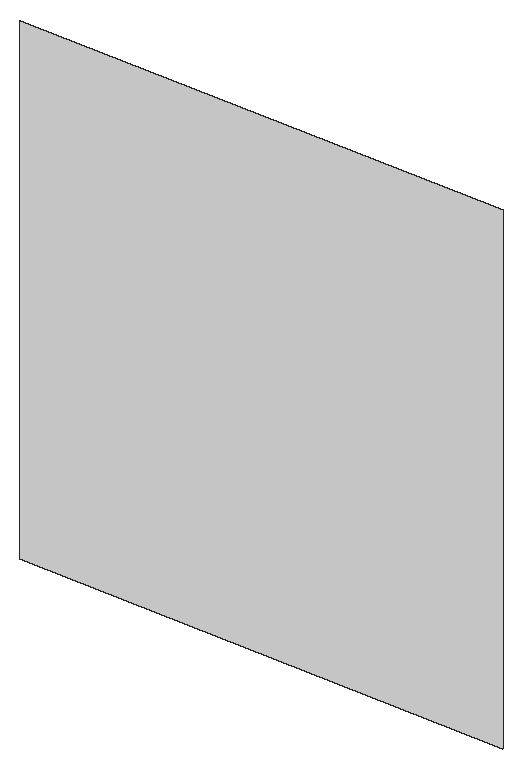
Revit family
Parameters (values of type "이중")
  폭 = 115 mm
  장착 높이 = 1200 mm
  레이블 = "2"
  높이 = 115 mm
  재료 = 플라스틱 - 흰색
Reference planes
  plane 1: y = 0
  plane 2 "중심(왼쪽/오른쪽)": x = 125
  plane 3 "뒤로": y = 75
  plane 4: z = 1200
  plane 5: x = 67.5
  plane 6: x = 182.5
  plane 7: z = 1257.5
  plane 8: z = 1142.5
  plane 9: y = 80
Forms (mm)
  Blend 1, solid, material "플라스틱 - 흰색" <- "재료"
    base sketch origin (0, 75, 0) x (1, 0, 0) y (0, 0, 1)
      loop
        line (182.5, 1257.5) -> (67.5, 1257.5) -> (67.5, 1142.5) -> (182.5, 1142.5) -> (182.5, 1257.5)
    top sketch origin (0, 75, 0) x (1, 0, 0) y (0, 0, 1)
      loop
        line (177.5, 1252.5) -> (72.5, 1252.5) -> (72.5, 1147.5) -> (177.5, 1147.5) -> (177.5, 1252.5)
    from 0 to -5
Text (mm)
  text "측면 배치" at (0, 1270.507, 3001.832), in view "왼쪽"
  text "측면 배치" at (0, 530.812, 2999.686), in view "오른쪽"
Dimensions and locks
  locked: plane 3 "뒤로" to host wall
  "높이": plane 8 to plane 7
  "폭": plane 5 to plane 6
  equal spacing: plane 8, plane 4, plane 7
  equal spacing: plane 5, plane 2 "중심(왼쪽/오른쪽)", plane 6
  "장착 높이": level to plane 4
  locked: plane 3 "뒤로" to plane 9 at 5
  aligned and locked: plane 1 to host wall
  aligned and locked: plane 6 to Blend 1 sketch curve
  aligned and locked: Blend 1 sketch curve to plane 7
  aligned and locked: plane 8 to Blend 1 sketch curve
  aligned and locked: plane 5 to Blend 1 sketch curve
  aligned and locked: plane 3 "뒤로" to Blend 1
  aligned and locked: Blend 1 to plane 9
  aligned and locked: plane 3 "뒤로" to nested 1
Automatic sketch dimensions
  Blend 1 sketch curve to plane 5 = 5 mm
  plane 6 to Blend 1 sketch curve = 5 mm
  Blend 1 sketch curve to plane 8 = 5 mm
  plane 7 to Blend 1 sketch curve = 5 mm
Nested families
  nested 1: "레이블이 있는 스위치 주석" at (125, 75, 0), type "레이블이 있는 스위치 주석"
Definition of nested family "레이블이 있는 스위치 주석"
  Parameters
    레이블 = "D"
  Reference planes
    plane 1: y = 0
    plane 2: x = 0
  Lines and regions (mm)
    detail lines
      curve 1: arc (0.687, 4.366, 0) -> (-0.687, 4.366, 0) -> (0, 3.175, 0) r 0.794
      curve 2: arc (-0.846, 1.687, 0) -> (0.876, 1.693, 0) -> (0, 3.175, 0) r 0.992
      curve 3: line (0, 1.191, 0) -> (0, 0.222, 0)
  Text (mm)
    label "레이블" at (2.034, 1.9, 0), shows "레이블"
